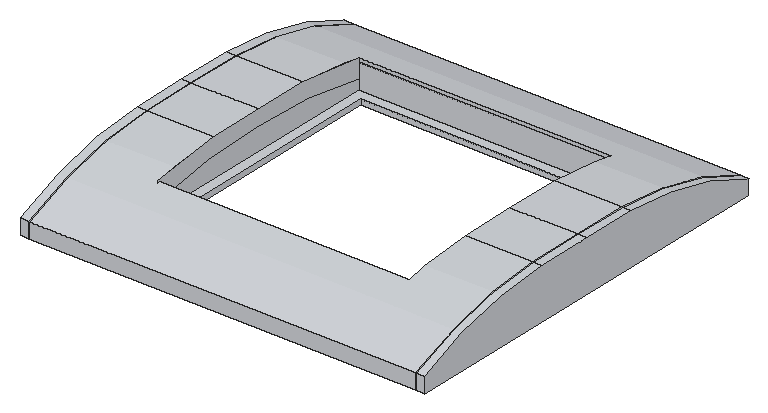
Revit family "Gira_0211736", category Electrical Fixtures, host Face, Revit 2017
Family settings
  Host = Face
  Maintain Annotation Orientation = No
  Round Connector Dimension = Use Diameter
  Part Type = Normal
  Cut with Voids When Loaded = No
  Shared = No
  Room Calculation Point = No
Parameters (values of type "Abdeckrahmen 1f Zwischenr. F Alu Gira Event Klar Schwarz")
  Werkstoffgüte = "Thermoplast"
  Werkstoff = "Kunststoff"
  URL = "http://katalog.gira.de/de_DE/datenblatt.html?artikelnr=0211736"
  Transparent = "No"
  Textfeld/Beschriftungsfläche = "No"
  Schutzart (IP) = "IP20"
  Region = "DE"
  Oberfläche = "sonstige"
  Name = "Abdeckrahmen 1f Zwischenr. F Alu Gira Event Klar Schwarz"
  Montagerichtung = "horizontal und vertikal"
  Mit Montagerahmen = "No"
  Mit Klappdeckel = "No"
  Manufacturer URL = "https://www.gira.de/"
  Keynote = "Event_Rahmen_1fach"
  HeinzeBIM = "https://bimportal.heinze.de/bim/abdeckrahmen-1f-zwischenr-f-alu-gira-event-klar-schwarz/5fe04a374d988cd3795b77502df59caacc304e46"
  Halogenfrei = "Yes"
  HAN = "0211736"
  Geeignet für Unterputz-Installation = "Yes"
  Geeignet für Unterflurkanaldose = "No"
  Geeignet für Geräteeinbaukanal = "No"
  Geeignet für Einbauinstallation = "No"
  GTIN = "4010337068853"
  Farbe = "schwarz"
  Default Elevation = 1219.2 mm
  Data sheet (1) = "https://katalog.gira.de/de_DE/download.html?artikelnr=0211736"
  Category = "Abdeckrahmen"
  Befestigungsart = "Klemmbefestigung"
  Available = "Yes"
  Ausführung der Oberfläche = "glänzend"
  Anzahl der Einheiten vertikal = "1 "
  Anzahl der Einheiten horizontal = "1 "
  Anzahl der Einheiten = "1 "
Reference planes
  plane 1 "Center (Front/Back)": y = 0
  plane 2: z = 0
  plane 3 "Center (Left/Right)": x = 0
Forms (mm)
  Extrusion 1, solid, detail levels fine
    sketch origin (0, 0, 1.55) x (0, 1, 0) y (0, 0, 1)
      loop
        arc (12.445, 9.683) -> (6.223, 9.833) -> (0, 9.85) r 291.636
        arc (0, 9.85) -> (-6.223, 9.833) -> (-12.445, 9.683) r 291.636
        arc (-12.445, 9.683) -> (-29.14, 7.482) -> (-45, 1.823) r 79.728
        line (-45, 1.823) -> (-45, -1.55) -> (-41.777, -1.55) -> (-41.777, -0.55)
        arc (-41.777, -0.55) -> (-21.205, 4.846) -> (0, 6.467) r 118.15
        arc (0, 6.467) -> (21.205, 4.846) -> (41.777, -0.55) r 118.15
        line (41.777, -0.55) -> (41.777, -1.55) -> (45, -1.55) -> (45, 1.823)
        arc (45, 1.823) -> (29.14, 7.482) -> (12.445, 9.683) r 79.728
    from -43 to 43
  Extrusion 2, void, detail levels fine
    sketch origin (0, 0, 0) x (1, 0, 0) y (0, 1, 0)
      loop
        line (-28, -28) -> (28, -28) -> (28, 28) -> (-28, 28) -> (-28, -28)
    from 2.85 to 12
  Extrusion 3, solid, detail levels coarse
    sketch origin (0, 0, 0) x (1, 0, 0) y (0, 1, 0)
      loop
        line (-45, 45) -> (-45, -45) -> (45, -45) -> (45, 45) -> (-45, 45)
    from 0 to 11.4
  Extrusion 4, solid, detail levels medium
    sketch origin (0, 0, 1.55) x (0, 1, 0) y (0, 0, 1)
      loop
        arc (12.445, 9.683) -> (6.223, 9.833) -> (0, 9.85) r 291.636
        arc (0, 9.85) -> (-6.223, 9.833) -> (-12.445, 9.683) r 291.636
        arc (-12.445, 9.683) -> (-29.14, 7.482) -> (-45, 1.823) r 79.728
        line (-45, 1.823) -> (-45, -1.55) -> (45, -1.55) -> (45, 1.823)
        arc (45, 1.823) -> (29.14, 7.482) -> (12.445, 9.683) r 79.728
    from -45 to 45
  Extrusion 5, solid, detail levels fine
    sketch origin (0, 0, 0) x (0, 1, 0) y (0, 0, 1)
      loop
        arc (45, 3.373) -> (29.14, 9.032) -> (12.445, 11.233) r 79.728
        arc (12.445, 11.233) -> (6.223, 11.383) -> (0, 11.4) r 291.636
        arc (0, 11.4) -> (-6.223, 11.383) -> (-12.445, 11.233) r 291.636
        arc (-12.445, 11.233) -> (-29.14, 9.032) -> (-45, 3.373) r 79.728
        line (-45, 3.373) -> (-45, 0) -> (45, 0) -> (45, 3.373)
    from 43 to 45
  Extrusion 6, solid, detail levels fine
    sketch origin (0, 0, 0) x (0, 1, 0) y (0, 0, -1)
      loop
        line (45, -3.373) -> (45, 0) -> (-45, 0) -> (-45, -3.373)
        arc (-45, -3.373) -> (-29.14, -9.032) -> (-12.445, -11.233) r 79.728
        arc (-12.445, -11.233) -> (-6.223, -11.383) -> (0, -11.4) r 291.636
        arc (0, -11.4) -> (6.223, -11.383) -> (12.445, -11.233) r 291.636
        arc (12.445, -11.233) -> (29.14, -9.032) -> (45, -3.373) r 79.728
    from 43 to 45
  Extrusion 7, solid, detail levels fine
    sketch origin (0, 0, 0) x (1, 0, 0) y (0, 1, 0)
      loop
        line (-25.7, 25.7) -> (-25.7, -25.7) -> (25.7, -25.7) -> (25.7, 25.7) -> (-25.7, 25.7)
      loop
        line (-29.495, 27.895) -> (-29.495, -27.895)
        spline (-29.495, -27.895) -> (-29.486, -28.025) -> (-29.461, -28.154) -> (-29.419, -28.278) -> (-29.361, -28.395) -> (-29.288, -28.504) -> (-29.202, -28.602) -> (-29.104, -28.688) -> (-28.995, -28.761) -> (-28.878, -28.819) -> (-28.754, -28.861) -> (-28.625, -28.886) -> (-28.495, -28.895)
        line (-28.495, -28.895) -> (28.495, -28.895)
        spline (28.495, -28.895) -> (28.625, -28.886) -> (28.754, -28.861) -> (28.878, -28.819) -> (28.995, -28.761) -> (29.104, -28.688) -> (29.202, -28.602) -> (29.288, -28.504) -> (29.361, -28.395) -> (29.419, -28.278) -> (29.461, -28.154) -> (29.486, -28.025) -> (29.495, -27.895)
        line (29.495, -27.895) -> (29.495, 27.895)
        spline (29.495, 27.895) -> (29.486, 28.025) -> (29.461, 28.154) -> (29.419, 28.278) -> (29.361, 28.395) -> (29.288, 28.504) -> (29.202, 28.602) -> (29.104, 28.688) -> (28.995, 28.761) -> (28.878, 28.819) -> (28.754, 28.861) -> (28.625, 28.886) -> (28.495, 28.895)
        line (28.495, 28.895) -> (-28.495, 28.895)
        spline (-28.495, 28.895) -> (-28.625, 28.886) -> (-28.754, 28.861) -> (-28.878, 28.819) -> (-28.995, 28.761) -> (-29.104, 28.688) -> (-29.202, 28.602) -> (-29.288, 28.504) -> (-29.361, 28.395) -> (-29.419, 28.278) -> (-29.461, 28.154) -> (-29.486, 28.025) -> (-29.495, 27.895)
    from 1.673 to 8.5
Cuts and joins
  Extrusion 2 cuts Extrusion 1
  Extrusion 2 cuts Extrusion 7
Dimensions and locks
  aligned and locked: plane 2 to host face
  aligned and locked: level to host face
